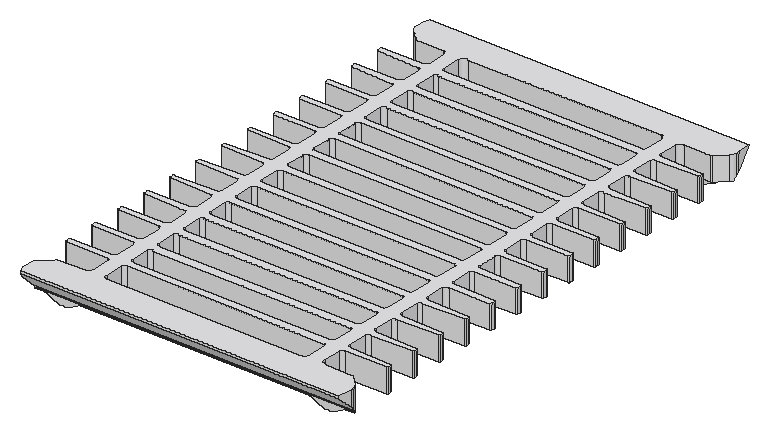
Revit family "Accessory-Sink_Rack-KOHLER-Tempered-K-5542", category Specialty Equipment, host Face, Revit 2022 (continued)
Definition of nested family "K-5542"
  Lines and regions (in)
    Masking region 1, visible <- "Drying_Rack"
      outline origin (0, 0, 5.07874) x (-1, 0, 0) y (0, -1, 0)
        loop
          arc (3.16698, 3.79656) -> (3.13467, 3.87457) -> (3.05666, 3.90688) r 0.11032
        loop
          arc (3.06574, 4.14455) -> (3.13733, 4.1742) -> (3.16698, 4.24579) r 0.10124
          line (3.16698, 4.24579) -> (3.16698, 4.80853)
          arc (3.16698, 4.80853) -> (3.13629, 4.88262) -> (3.0622, 4.91331) r 0.10478
          line (3.0622, 4.91331) -> (-3.05449, 4.91331)
          arc (-3.05449, 4.91331) -> (-3.12482, 4.88418) -> (-3.15395, 4.81385) r 0.09946
          line (-3.15395, 4.81385) -> (-3.15395, 4.24264)
          arc (-3.15395, 4.24264) -> (-3.12522, 4.17328) -> (-3.05585, 4.14455) r 0.0981
          line (-3.05585, 4.14455) -> (3.06574, 4.14455)
        loop
          line (3.05666, 1.89402) -> (-3.05666, 1.89402)
          arc (-3.05666, 1.89402) -> (-3.12546, 1.86553) -> (-3.15395, 1.79673) r 0.09729
          line (-3.15395, 1.79673) -> (-3.15395, 1.22473)
          arc (-3.15395, 1.22473) -> (-3.12482, 1.15439) -> (-3.05449, 1.12526) r 0.09946
          line (-3.05449, 1.12526) -> (3.0622, 1.12526)
          arc (3.0622, 1.12526) -> (3.13629, 1.15595) -> (3.16698, 1.23004) r 0.10478
          line (3.16698, 1.23004) -> (3.16698, 1.78371)
          arc (3.16698, 1.78371) -> (3.13467, 1.86171) -> (3.05666, 1.89402) r 0.11032
        loop
          arc (3.06574, 2.13169) -> (3.13733, 2.16134) -> (3.16698, 2.23293) r 0.10124
          line (3.16698, 2.23293) -> (3.16698, 2.79567)
          arc (3.16698, 2.79567) -> (3.13629, 2.86976) -> (3.0622, 2.90045) r 0.10478
          line (3.0622, 2.90045) -> (-3.05449, 2.90045)
          arc (-3.05449, 2.90045) -> (-3.12482, 2.87132) -> (-3.15395, 2.80099) r 0.09946
          line (-3.15395, 2.80099) -> (-3.15395, 2.22979)
          arc (-3.15395, 2.22979) -> (-3.12522, 2.16042) -> (-3.05585, 2.13169) r 0.0981
          line (-3.05585, 2.13169) -> (3.06574, 2.13169)
        loop
          arc (3.05666, 0.11883) -> (3.13467, 0.15114) -> (3.16698, 0.22915) r 0.11032
          line (3.16698, 0.22915) -> (3.16698, 0.78282)
          arc (3.16698, 0.78282) -> (3.13629, 0.85691) -> (3.0622, 0.8876) r 0.10478
          line (3.0622, 0.8876) -> (-3.05449, 0.8876)
          arc (-3.05449, 0.8876) -> (-3.12482, 0.85846) -> (-3.15395, 0.78813) r 0.09946
          line (-3.15395, 0.78813) -> (-3.15395, 0.21612)
          arc (-3.15395, 0.21612) -> (-3.12546, 0.14733) -> (-3.05666, 0.11883) r 0.09729
          line (-3.05666, 0.11883) -> (3.05666, 0.11883)
    Masking region 2
      outline origin (0, 0, 0) x (0, 1, 0) y (0, 0, 1)
        loop
          line (7.8937, 0.94488) -> (-7.8937, 0.94488) -> (-7.8937, 0.80988) -> (-7.36989, 0.28606)
          arc (-7.36989, 0.28606) -> (-7.35293, 0.26069) -> (-7.34698, 0.23075) r 0.07822
          line (-7.34698, 0.23075) -> (-7.34698, 0) -> (-6.99621, 0) -> (-6.99621, 0.20639) -> (6.99621, 0.20639) -> (6.99621, 0) -> (7.34698, 0) -> (7.34698, 0.23075)
          arc (7.34698, 0.23075) -> (7.35293, 0.26069) -> (7.36989, 0.28606) r 0.07822
          line (7.36989, 0.28606) -> (7.8937, 0.80988) -> (7.8937, 0.94488)
    Masking region 3
      outline origin (0, 0, 0) x (1, 0, 0) y (0, 0, 1)
        loop
          arc (-4.85151, 0.94488) -> (-4.96081, 0.89961) -> (-5.00608, 0.79032) r 0.15456
          line (-5.00608, 0.79032) -> (-5.00608, 0.5931)
          arc (-5.00608, 0.5931) -> (-4.98251, 0.46739) -> (-4.9328, 0.34955) r 0.59922
          arc (-4.9328, 0.34955) -> (-4.83081, 0.24484) -> (-4.68978, 0.20639) r 0.27785
          arc (-4.68978, 0.20639) -> (-4.64311, 0.19931) -> (-4.60063, 0.17872) r 0.15748
          arc (-4.60063, 0.17872) -> (-4.41938, 0.07654) -> (-4.22298, 0.00785) r 1.17785
          arc (-4.22298, 0.00785) -> (-4.19173, 0.00197) -> (-4.16, 0) r 0.25656
          line (-4.16, 0) -> (-4.06933, 0)
          arc (-4.06933, 0) -> (-4.03769, 0.00196) -> (-4.00653, 0.00783) r 0.25591
          arc (-4.00653, 0.00783) -> (-3.81008, 0.07652) -> (-3.62878, 0.17872) r 1.17785
          arc (-3.62878, 0.17872) -> (-3.5863, 0.19931) -> (-3.53963, 0.20639) r 0.15748
          line (-3.53963, 0.20639) -> (3.53963, 0.20639)
          arc (3.53963, 0.20639) -> (3.5863, 0.19931) -> (3.62878, 0.17872) r 0.15748
          arc (3.62878, 0.17872) -> (3.81008, 0.07652) -> (4.00653, 0.00783) r 1.17785
          arc (4.00653, 0.00783) -> (4.03769, 0.00196) -> (4.06933, 0) r 0.25591
          line (4.06933, 0) -> (4.16, 0)
          arc (4.16, 0) -> (4.19173, 0.00197) -> (4.22298, 0.00785) r 0.25656
          arc (4.22298, 0.00785) -> (4.41938, 0.07654) -> (4.60063, 0.17872) r 1.17785
          arc (4.60063, 0.17872) -> (4.64311, 0.19931) -> (4.68978, 0.20639) r 0.15748
          arc (4.68978, 0.20639) -> (4.83081, 0.24484) -> (4.9328, 0.34955) r 0.27785
          arc (4.9328, 0.34955) -> (4.98251, 0.46739) -> (5.00608, 0.5931) r 0.59922
          line (5.00608, 0.5931) -> (5.00608, 0.79032)
          arc (5.00608, 0.79032) -> (4.96081, 0.89961) -> (4.85151, 0.94488) r 0.15456
          line (4.85151, 0.94488) -> (-4.85151, 0.94488)
    symbolic lines, detail levels medium+fine
      curve 1: line (0, 7.36991, 0.28603) -> (0, 7.36991, 0.94488)
      curve 2: line (0, 7.27943, 0.94488) -> (0, 7.27943, 0.20639)
      curve 3: line (0, 7.34698, 0.20639) -> (0, 6.9636, 0.20639)
      curve 4: line (0, 6.9636, 0.20639) -> (0, 6.9636, 0.94488)
      curve 5: line (0, 6.82475, 0.20639) -> (0, 6.82475, 0.94488)
      curve 6: line (0, 6.25295, 0.20639) -> (0, 6.25295, 0.94488)
      curve 7: line (0, 6.11741, 0.20639) -> (0, 6.11741, 0.94488)
      curve 8: line (0, 5.95973, 0.20639) -> (0, 5.95973, 0.94488)
      curve 9: line (0, 5.82164, 0.20639) -> (0, 5.82164, 0.94488)
      curve 10: line (0, 5.25401, 0.20639) -> (0, 5.25401, 0.94488)
      curve 11: line (0, 5.11847, 0.20639) -> (0, 5.11847, 0.94488)
      curve 12: line (0, 4.96079, 0.20639) -> (0, 4.96079, 0.94488)
      curve 13: line (0, 4.8227, 0.20639) -> (0, 4.8227, 0.94488)
      curve 14: line (0, 4.24585, 0.20639) -> (0, 4.24585, 0.94488)
      curve 15: line (0, 4.11031, 0.20639) -> (0, 4.11031, 0.94488)
      curve 16: line (0, 3.95263, 0.20639) -> (0, 3.95263, 0.94488)
      curve 17: line (0, 3.81454, 0.20639) -> (0, 3.81454, 0.94488)
      curve 18: line (0, 3.2328, 0.20639) -> (0, 3.2328, 0.94488)
      curve 19: line (0, 3.09726, 0.20639) -> (0, 3.09726, 0.94488)
      curve 20: line (0, 2.93958, 0.20639) -> (0, 2.93958, 0.94488)
      curve 21: line (0, 2.80149, 0.20639) -> (0, 2.80149, 0.94488)
      curve 22: line (0, 2.22804, 0.20639) -> (0, 2.22804, 0.94488)
      curve 23: line (0, 2.09251, 0.20639) -> (0, 2.09251, 0.94488)
      curve 24: line (0, 1.93482, 0.20639) -> (0, 1.93482, 0.94488)
      curve 25: line (0, 1.79673, 0.20639) -> (0, 1.79673, 0.94488)
      curve 26: line (0, 1.21994, 0.20639) -> (0, 1.21994, 0.94488)
      curve 27: line (0, 1.0844, 0.20639) -> (0, 1.0844, 0.94488)
      curve 28: line (0, 0.92672, 0.20639) -> (0, 0.92672, 0.94488)
      curve 29: line (0, 0.78863, 0.20639) -> (0, 0.78863, 0.94488)
      curve 30: line (0, 0.21264, 0.20639) -> (0, 0.21264, 0.94488)
      curve 31: line (0, 0.0771, 0.20639) -> (0, 0.0771, 0.94488)
      curve 32: line (0, -0.08059, 0.20639) -> (0, -0.08059, 0.94488)
      curve 33: line (0, -0.21867, 0.20639) -> (0, -0.21867, 0.94488)
      curve 34: line (0, -7.36991, 0.28603) -> (0, -7.36991, 0.94488)
      curve 35: line (0, -7.27943, 0.94488) -> (0, -7.27943, 0.20639)
      curve 36: line (0, -7.34698, 0.20639) -> (0, -6.9636, 0.20639)
      curve 37: line (0, -6.9636, 0.20639) -> (0, -6.9636, 0.94488)
      curve 38: line (0, -6.82475, 0.20639) -> (0, -6.82475, 0.94488)
      curve 39: line (0, -6.25295, 0.20639) -> (0, -6.25295, 0.94488)
      curve 40: line (0, -6.11741, 0.20639) -> (0, -6.11741, 0.94488)
      curve 41: line (0, -5.95973, 0.20639) -> (0, -5.95973, 0.94488)
      curve 42: line (0, -5.82164, 0.20639) -> (0, -5.82164, 0.94488)
      curve 43: line (0, -5.25401, 0.20639) -> (0, -5.25401, 0.94488)
      curve 44: line (0, -5.11847, 0.20639) -> (0, -5.11847, 0.94488)
      curve 45: line (0, -4.96079, 0.20639) -> (0, -4.96079, 0.94488)
      curve 46: line (0, -4.8227, 0.20639) -> (0, -4.8227, 0.94488)
      curve 47: line (0, -4.24585, 0.20639) -> (0, -4.24585, 0.94488)
      curve 48: line (0, -4.11031, 0.20639) -> (0, -4.11031, 0.94488)
      curve 49: line (0, -3.95263, 0.20639) -> (0, -3.95263, 0.94488)
      curve 50: line (0, -3.81454, 0.20639) -> (0, -3.81454, 0.94488)
      curve 51: line (0, -3.2328, 0.20639) -> (0, -3.2328, 0.94488)
      curve 52: line (0, -3.09726, 0.20639) -> (0, -3.09726, 0.94488)
      curve 53: line (0, -2.93958, 0.20639) -> (0, -2.93958, 0.94488)
      curve 54: line (0, -2.80149, 0.20639) -> (0, -2.80149, 0.94488)
      curve 55: line (0, -2.22804, 0.20639) -> (0, -2.22804, 0.94488)
      curve 56: line (0, -2.09251, 0.20639) -> (0, -2.09251, 0.94488)
      curve 57: line (0, -1.93482, 0.20639) -> (0, -1.93482, 0.94488)
      curve 58: line (0, -1.79673, 0.20639) -> (0, -1.79673, 0.94488)
      curve 59: line (0, -1.21994, 0.20639) -> (0, -1.21994, 0.94488)
      curve 60: line (0, -1.0844, 0.20639) -> (0, -1.0844, 0.94488)
      curve 61: line (0, -0.92672, 0.20639) -> (0, -0.92672, 0.94488)
      curve 62: line (0, -0.78863, 0.20639) -> (0, -0.78863, 0.94488)
      curve 63: line (-5.00608, 0, 0.79032) -> (5.03329, 0, 0.79032)
      curve 64: line (-4.68978, 0, 0.20639) -> (-3.53963, 0, 0.20639)
      curve 65: line (-4.89233, 0, 0.29405) -> (4.89233, 0, 0.29405)
      curve 66: line (4.70671, 0, 0.2069) -> (3.55471, 0, 0.2069)
  Dimensions and locks (in)
    plane 4 to plane 5 = 9.99923"
    locked: plane 6 to plane 13 at 15.7874
    plane 9 "A" to level = 0.94488"
    aligned and locked: plane 2 to level
Types (3): name | Type | Model | Finish
  (no name) | 1 | "K-5542-0" | Kohler-Plastic-0-White
  0-White | 1 | "K-5542-0" | Kohler-Plastic-0-White
  DVG-Dove Grey | 2 | "K-5542-DVG" | Kohler-Plastic-DVG-Dove_Grey
